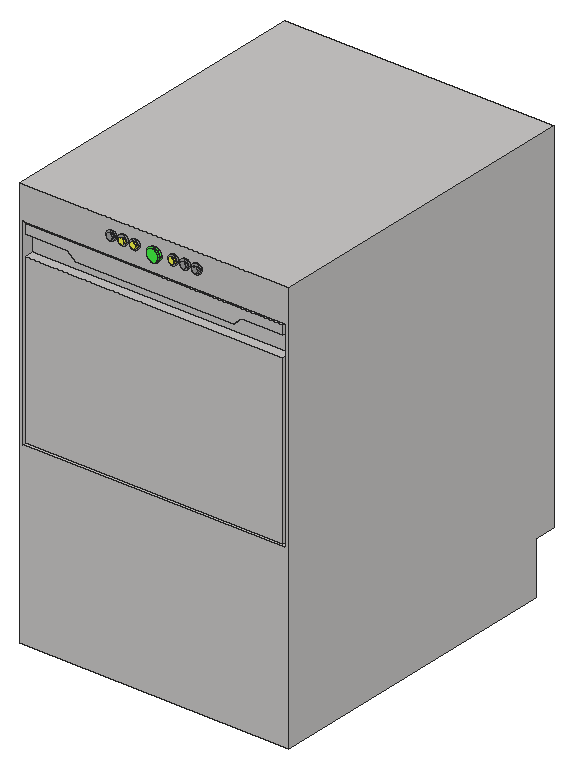
Revit family "QF_ELECTROLUXPROFESSIONAL_402227_ESDICG", category Specialty Equipment, Revit 2018
Family settings
  Round Connector Dimension = Use Diameter
  Part Type = Normal
  Work Plane-Based = No
  Always vertical = Yes
  Cut with Voids When Loaded = No
  Shared = No
  Room Calculation Point = No
Parameters
  Weight = 37.00 kg
  Watts = 0 W
  Volts = 0 V
  URL Manufacturer = ""
  URL = "http://professional.electrolux.com/"
  Steam Supply Size = 0 mm
  Steam Supply Minimum Pressure = 0.0 Pa
  Steam Supply Maximum Pressure = 0.0 Pa
  Steam Pounds per Hour = 0
  Show Logo [instance] = yes
  Show Clearance [instance] = yes
  Refrigeration Suction Line Size = 0 mm
  Refrigeration Liquid Line Size = 0 mm
  Refrigerant Compressor Remote = yes
  Manufacturer = ""
  Phase = 0
  Model = ""
  Length Actual = 460 mm  # constant formula
  Item Number = ""
  Hot Water Size = 0 mm
  Height Actual = 715 mm  # constant formula
  HP = "4.4 HP"
  Gas Size = 0 mm
  Gas KW = 0
  Gas Input Pressure = 0 W
  Direct Waste Size = 27 mm
  Description = ""
  Depth Actual = 565 mm  # constant formula
  Cycle = 0 Hz
  Condensate Return Size = 0 mm
  Compressed Air Volume = 0.0 L/s
  Compressed Air Size = 0 mm
  Compressed Air Pressure = 0.0 Pa
  Cold Water Size = 0 mm
  Accessory = yes
Types (2, lengths in mm): name | Volts | URL Manufacturer | URL | Manufacturer | Phase | Model | Item Number | Description | Cycle | Cold Water Size
  (no name) | 0 V | "" | "http://professional.electrolux.com/" | "" | 0 | "" | "" | "" | 0 Hz | 0
  Standard | 220 V | "http://professional.electrolux.com" | "http://professional.electrolux.com" | "Electrolux Professional" | 1 | "ESDICG" | "402227" | "GLASSWASHER(S) INS. DOUBLE SKIN, COLD RINSE, DP, DD, 30B/H" | 50 Hz | 19.05
Reference planes
  plane 1 "Center (Front/Back)": y = 0
  plane 2: z = 0
  plane 3 "Center (Left/Right)": x = 0
  plane 4 "LEFT": x = -230
  plane 5 "RIGHT": x = 230
  plane 6 "FRONT": y = -282.5
  plane 7 "BACK": y = 282.5
  plane 8: x = -202.5
  plane 9: x = 202.5
  plane 10: z = 715
  plane 11: z = 10
Forms (mm)
  Extrusion 1, solid, material "QF_Finishes_Stainless Steel"
    sketch origin (0, 0, 0) x (1, 0, 0) y (0, 1, 0)
      loop
        line (-230, -282.5) -> (230, -282.5) -> (230, 243.5) -> (-230, 243.5) -> (-230, -282.5)
    from 10 to 715
  Extrusion 2, solid, material "QF_Finishes_Stainless Steel"
    sketch origin (0, 0, 0) x (1, 0, 0) y (0, 1, 0)
      loop
        line (-230, 243.5) -> (230, 243.5) -> (230, 282.5) -> (-230, 282.5) -> (-230, 243.5)
    from 100 to 715
  Extrusion 3, solid, material "QF_Finishes_Stainless Steel"
    sketch origin (0, 0, 0) x (1, 0, 0) y (0, 1, 0)
      loop
        circle (-202.5, 184.5) r 12.5
      loop
        circle (202.5, 184.5) r 12.5
      loop
        circle (-202.5, -235.5) r 12.5
      loop
        circle (202.5, -235.5) r 12.5
    from 0 to 10
  Extrusion 4, void
    sketch origin (-230, -282.5, 0) x (-1, 0, 0) y (0, 0, 1)
      loop
        line (-5, 658.217) -> (-455, 658.217) -> (-455, 315) -> (-5, 315) -> (-5, 658.217)
    from 0 to 30
  Extrusion 5, solid, material "QF_Finishes_Stainless Steel"
    sketch origin (-53, -392, 738) x (0, 0, -1) y (1, 0, 0)
      loop
        circle (693, 213) r 10
    from -635.5 to -674.5
  Extrusion 6, solid, material "QF_Door-Drawer Clearances", visible <- "Show Clearance", detail levels coarse
    sketch origin (-230, -282.5, 0) x (0, 1, 0) y (0, 0, -1)
      loop
        line (0, -315) -> (-315, -315)
        arc (-315, -315) -> (-223.2, -545.869) -> (0, -655) r 344.605
        line (0, -655) -> (0, -315)
    from -10 to -450
  Extrusion 7, solid, material "QF_Finishes_Stainless Steel"
    sketch origin (-242.481, -392, 738) x (0, 0, -1) y (1, 0, 0)
      loop
        circle (663, 322.481) r 8
    from -635.5 to -674.5
  Extrusion 8, solid, material "QF_Finishes_Green"
    sketch origin (234, -282.5, -28.75) x (-1, 0, 0) y (0, 0, -1)
      loop
        circle (234, -714.569) r 10
    from 0 to 5
  Extrusion 9, solid, material "QF_Finishes_Gray"
    sketch origin (234, -282.5, -24.375) x (-1, 0, 0) y (0, 0, -1)
      loop
        circle (306.936, -713.972) r 5
    from 0 to 5
  Extrusion 10, solid, material "QF_Finishes_Stainless Steel"
    sketch origin (-230, -282.5, 0) x (0, 1, 0) y (0, 0, -1)
      loop
        line (0, -319.622) -> (0, -605) -> (15, -605) -> (15, -655) -> (25, -655) -> (25, -319.622) -> (0, -319.622)
    from -10 to -450
  Extrusion 11, solid, material "QF_Finishes_Stainless Steel"
    sketch origin (-230, -282.5, 0) x (0, 1, 0) y (0, 0, -1)
      loop
        line (15, -655) -> (15, -652.514) -> (2.5, -652.514) -> (2.5, -626.25) -> (0, -626.25) -> (0, -655) -> (15, -655)
    from -10 to -450
  Extrusion 12, void
    sketch origin (-230, -282.5, 655) x (0, 0, 1) y (1, 0, 0)
      loop
        line (-15.552, 10) -> (-15.552, 81.607) -> (-28.75, 94.804) -> (-28.75, 10) -> (-15.552, 10)
      loop
        line (-15.552, 450) -> (-28.75, 450) -> (-28.75, 365.196) -> (-15.552, 378.393) -> (-15.552, 450)
    from 0 to 2.5
  Extrusion 13, solid, material "QF_Finishes_Stainless Steel"
    sketch origin (-328, -392, 738) x (0, 0, -1) y (1, 0, 0)
      loop
        circle (663, 228) r 8
    from -635.5 to -674.5
  Extrusion 14, solid, material "QF_Finishes_Green"
    sketch origin (-230, -282.5, 0) x (1, 0, 0) y (0, 0, 1)
      loop
        circle (230, 685.819) r 12
      loop
        circle (230, 685.819) r 10
    from 0 to 2.5
  Extrusion 15, solid, material "QF_Finishes_Gray"
    sketch origin (-210, -282.5, -28.75) x (1, 0, 0) y (0, 0, 1)
      loop
        circle (262.936, 718.347) r 8
      loop
        circle (262.936, 718.347) r 5
      loop
        circle (242.936, 718.347) r 8
      loop
        circle (242.936, 718.347) r 5
      loop
        circle (282.936, 718.347) r 8
      loop
        circle (282.936, 718.347) r 5
    from 0 to 2.5
  Extrusion 16, solid, material "QF_Finishes_Gray"
    sketch origin (-234, -282.5, -24.375) x (1, 0, 0) y (0, 0, 1)
      loop
        circle (286.936, 713.972) r 5
      loop
        circle (306.936, 713.972) r 5
    from 0 to 5
  Extrusion 17, solid, material "QF_Finishes_Gray"
    sketch origin (210, -282.5, -28.75) x (-1, 0, 0) y (0, 0, -1)
      loop
        circle (262.936, -718.347) r 8
      loop
        circle (262.936, -718.347) r 5
      loop
        circle (242.936, -718.347) r 8
      loop
        circle (242.936, -718.347) r 5
      loop
        circle (282.936, -718.347) r 8
      loop
        circle (282.936, -718.347) r 5
    from 0 to 2.5
  Extrusion 18, solid, material "QF_Finishes_Yellow"
    sketch origin (254, -282.5, -24.375) x (-1, 0, 0) y (0, 0, -1)
      loop
        circle (306.936, -713.972) r 5
    from 0 to 5
  Extrusion 19, solid, material "QF_Finishes_Yellow"
    sketch origin (274, -282.5, -24.375) x (-1, 0, 0) y (0, 0, -1)
      loop
        circle (306.936, -713.972) r 5
    from 0 to 5
  Extrusion 20, solid, material "QF_Finishes_Yellow"
    sketch origin (339.871, -282.5, -24.375) x (-1, 0, 0) y (0, 0, -1)
      loop
        circle (306.936, -713.972) r 5
    from 0 to 5
Cuts and joins
  Extrusion 4 cuts Extrusion 1
  joined: Extrusion 1, Extrusion 2
  Extrusion 12 cuts Extrusion 10
  Extrusion 12 cuts Extrusion 11
Lines and regions (mm)
  Split face 1
    outline origin (-230, -282.5, 715) x (0, 0, -1) y (1, 0, 0)
      loop
        line (35, 0) -> (35, 60) -> (49.142, 74.142) -> (49.142, 214.142) -> (11.456, 214.142)
        arc (11.456, 214.142) -> (9.82, 214.82) -> (9.142, 216.456) r 2.314
        line (9.142, 216.456) -> (9.142, 230) -> (9.142, 243.544)
        arc (9.142, 243.544) -> (9.82, 245.18) -> (11.456, 245.858) r 2.314
        line (11.456, 245.858) -> (49.142, 245.858) -> (49.142, 385.858) -> (35, 400) -> (35, 460)
      loop
        line (56.783, 5) -> (56.783, 0)
      loop
        line (56.783, 455) -> (56.783, 460)
  symbolic lines
    curve 1: line (-230, 282.5, 0) -> (230, 282.5, 0)
    curve 2: line (-230, -282.5, 0) -> (-230, 282.5, 0)
    curve 3: line (230, -282.5, 0) -> (-230, -282.5, 0)
    curve 4: line (230, 282.5, 0) -> (230, -282.5, 0)
    curve 9: line (-80.94, -285, 0) -> (-80.94, -282.5, 0)
    curve 10: line (-64.948, -285, 0) -> (-64.948, -282.5, 0)
    curve 11: line (-77.926, -287.5, 0) -> (-67.936, -287.5, 0)
    curve 12: line (-67.936, -287.5, 0) -> (-67.936, -285, 0)
    curve 13: line (-77.926, -287.5, 0) -> (-77.926, -285, 0)
    curve 14: line (-60.936, -285, 0) -> (-44.936, -285, 0)
    curve 15: line (-44.936, -285, 0) -> (-44.936, -282.5, 0)
    curve 16: line (-60.936, -285, 0) -> (-60.936, -282.5, 0)
    curve 17: line (-57.936, -287.5, 0) -> (-47.936, -287.5, 0)
    curve 18: line (-47.936, -287.5, 0) -> (-47.936, -285, 0)
    curve 19: line (-57.936, -287.5, 0) -> (-57.936, -285, 0)
    curve 20: line (-40.936, -285, 0) -> (-24.936, -285, 0)
    curve 21: line (-24.936, -285, 0) -> (-24.936, -282.5, 0)
    curve 22: line (-40.936, -285, 0) -> (-40.936, -282.5, 0)
    curve 23: line (-37.936, -287.5, 0) -> (-27.936, -287.5, 0)
    curve 24: line (-27.936, -287.5, 0) -> (-27.936, -285, 0)
    curve 25: line (-37.936, -287.5, 0) -> (-37.936, -285, 0)
    curve 26: line (24.936, -285, 0) -> (40.936, -285, 0)
    curve 27: line (40.936, -285, 0) -> (40.936, -282.5, 0)
    curve 28: line (27.936, -287.5, 0) -> (37.936, -287.5, 0)
    curve 29: line (37.936, -287.5, 0) -> (37.936, -285, 0)
    curve 30: line (27.936, -287.5, 0) -> (27.936, -285, 0)
    curve 31: line (24.936, -285, 0) -> (24.936, -282.5, 0)
    curve 32: line (-12, -285, 0) -> (12, -285, 0)
    curve 33: line (12, -285, 0) -> (12, -282.5, 0)
    curve 34: line (-12, -285, 0) -> (-12, -282.5, 0)
    curve 35: line (-10, -287.5, 0) -> (10, -287.5, 0)
    curve 36: line (10, -287.5, 0) -> (10, -285, 0)
    curve 37: line (-10, -287.5, 0) -> (-10, -285, 0)
    curve 39: line (44.936, -285, 0) -> (60.936, -285, 0)
    curve 40: line (60.936, -285, 0) -> (60.936, -282.5, 0)
    curve 41: line (47.936, -287.5, 0) -> (57.936, -287.5, 0)
    curve 42: line (57.936, -287.5, 0) -> (57.936, -285, 0)
    curve 43: line (47.936, -287.5, 0) -> (47.936, -285, 0)
    curve 44: line (44.936, -285, 0) -> (44.936, -282.5, 0)
    curve 45: line (64.936, -285, 0) -> (80.936, -285, 0)
    curve 46: line (80.936, -285, 0) -> (80.936, -282.5, 0)
    curve 47: line (67.936, -287.5, 0) -> (77.936, -287.5, 0)
    curve 48: line (77.936, -287.5, 0) -> (77.936, -285, 0)
    curve 49: line (67.936, -287.5, 0) -> (67.936, -285, 0)
    curve 50: line (64.936, -285, 0) -> (64.936, -282.5, 0)
  symbolic lines, style "QF_Door-Drawer Clearances"
    curve 5: line (-220, -597.5, 0) -> (220, -597.5, 0)
    curve 6: line (220, -597.5, 0) -> (220, -282.5, 0)
    curve 7: line (-220, -597.5, 0) -> (-220, -282.5, 0)
  symbolic lines, style "SpecialityEquipment"
    curve 8: line (-80.94, -285, 0) -> (-64.948, -285, 0)
  symbolic lines, style "SpecialityEquipmentHiddenLines"
    curve 38: line (-230, 243.5, 0) -> (230, 243.5, 0)
Dimensions and locks
  equal spacing: plane 4 "LEFT", plane 3 "Center (Left/Right)", plane 5 "RIGHT"
  equal spacing: plane 7 "BACK", plane 1 "Center (Front/Back)", plane 6 "FRONT"
  plane 7 "BACK" to plane 6 "FRONT" = 565 mm
  plane 4 "LEFT" to plane 5 "RIGHT" = 460 mm
  plane 4 "LEFT" to plane 8 = 27.5 mm
  plane 9 to plane 5 "RIGHT" = 27.5 mm
  locked: plane 11 to level at 10
  plane 4 "LEFT" to plane 3 "Center (Left/Right)" = 230 mm
  plane 10 to level = 715 mm  (x2)
  plane 8 to plane 9 = 405 mm
  level to Extrusion 13 sketch curve = 75 mm
  Extrusion 13 sketch curve to plane 4 "LEFT" = 130 mm
  level to Extrusion 5 sketch curve = 45 mm
  Extrusion 5 sketch curve to plane 4 "LEFT" = 390 mm
  Extrusion 7 sketch curve to plane 4 "LEFT" = 310 mm
  level to Extrusion 7 sketch curve = 75 mm
  locked: Extrusion 3 to cut or joined group of Extrusion 1, Extrusion 2, Extrusion 4 at 98
  Extrusion 3 to Extrusion 3 = 420 mm
  locked: plane 6 "FRONT" to Extrusion 3 at 47
  plane 9 to plane 8 = 405 mm
  plane 7 "BACK" to curve 5 = 880 mm
  cut or joined group of Extrusion 10, Extrusion 12 to cut or joined group of Extrusion 1, Extrusion 2, Extrusion 4 = 290 mm
  aligned and locked: level to plane 2
  aligned and locked: Extrusion 1 sketch curve to plane 6 "FRONT"
  aligned and locked: Extrusion 1 sketch curve to plane 4 "LEFT"
  aligned and locked: plane 5 "RIGHT" to Extrusion 1 sketch curve
  aligned and locked: Extrusion 1 to plane 11
  aligned and locked: Extrusion 2 sketch curve to Extrusion 1  (x2)
  aligned and locked: plane 7 "BACK" to Extrusion 2 sketch curve
  aligned and locked: plane 5 "RIGHT" to Extrusion 2 sketch curve
  aligned and locked: plane 11 to Extrusion 3
  aligned and locked: Extrusion 2 to Extrusion 5
  aligned and locked: Extrusion 2 to Extrusion 7
  aligned and locked: plane 7 "BACK" to Extrusion 7
  aligned and locked: plane 7 "BACK" to Extrusion 5
  aligned and locked: cut or joined group of Extrusion 11, Extrusion 12 to Extrusion 12
  aligned and locked: plane 10 to Extrusion 2
Automatic sketch dimensions
  curve 1 to plane 4 "LEFT" = 0 mm
  curve 7 to plane 6 "FRONT" = 0 mm
  curve 4 to plane 5 "RIGHT" = 0 mm
  curve 2 to plane 7 "BACK" = 0 mm
  plane 4 "LEFT" to curve 5 = 10 mm
  curve 8 to plane 6 "FRONT" = 2.5 mm
  curve 8 to plane 3 "Center (Left/Right)" = 80.94 mm
  curve 8 to curve 11 = 3.013 mm
  curve 11 to curve 11 = 9.991 mm
  curve 12 to curve 10 = 2.987 mm
  curve 8 to curve 16 = 4.013 mm
  curve 14 to curve 19 = 3 mm
  curve 17 to plane 6 "FRONT" = 5 mm
  curve 17 to curve 17 = 10 mm
  curve 18 to curve 14 = 3 mm
  curve 14 to curve 20 = 4 mm
  curve 20 to curve 25 = 3 mm
  curve 24 to plane 6 "FRONT" = 5 mm
  curve 23 to curve 24 = 10 mm
  curve 24 to curve 21 = 3 mm
  curve 34 to plane 6 "FRONT" = 2.5 mm
  curve 34 to plane 3 "Center (Left/Right)" = 12 mm
  curve 32 to curve 37 = 2 mm
  plane 3 "Center (Left/Right)" to curve 36 = 10 mm
  curve 36 to curve 33 = 2 mm
  curve 26 to plane 6 "FRONT" = 2.5 mm
  curve 32 to curve 26 = 12.936 mm
  curve 26 to curve 30 = 3 mm
  curve 28 to plane 6 "FRONT" = 5 mm
  curve 28 to curve 28 = 10 mm
  curve 29 to curve 27 = 3 mm
  curve 26 to curve 44 = 4 mm
  curve 39 to curve 43 = 3 mm
  curve 41 to plane 6 "FRONT" = 5 mm
  curve 41 to curve 41 = 10 mm
  curve 42 to curve 39 = 3 mm
  curve 39 to curve 50 = 4 mm
  curve 45 to curve 47 = 3 mm
  curve 47 to plane 6 "FRONT" = 5 mm
  curve 47 to curve 47 = 10 mm
  curve 48 to curve 45 = 3 mm
  curve 6 to plane 5 "RIGHT" = 10 mm
  curve 35 to curve 36 = 2.5 mm
  curve 11 to curve 13 = 2.5 mm
  curve 15 to plane 6 "FRONT" = 2.5 mm
  curve 20 to plane 6 "FRONT" = 2.5 mm
  curve 40 to plane 6 "FRONT" = 2.5 mm
  curve 45 to plane 6 "FRONT" = 2.5 mm
  curve 38 to plane 7 "BACK" = 39 mm
  Extrusion 1 sketch curve to plane 7 "BACK" = 39 mm
  Extrusion 3 sketch curve to plane 8 = 0 mm  (x2)
  Extrusion 3 sketch curve to plane 9 = 0 mm  (x2)
  plane 6 "FRONT" to Extrusion 3 sketch curve = 47 mm  (x2)
  Extrusion 3 sketch curve to plane 7 "BACK" = 98 mm  (x2)
  Extrusion 4 sketch curve to Extrusion 1 = 5 mm  (x2)
  Extrusion 4 sketch curve to Extrusion 1 = 305 mm
  Extrusion 4 sketch curve to Extrusion 1 = 56.783 mm
  Extrusion 6 sketch curve to plane 6 "FRONT" = 0 mm
  Extrusion 6 sketch curve to plane 6 "FRONT" = 315 mm
  plane 6 "FRONT" to Extrusion 6 sketch curve = 29.589 mm
  Extrusion 6 sketch curve to plane 10 = 60 mm
  plane 11 to Extrusion 6 sketch curve = 305 mm
  Extrusion 8 sketch curve to Extrusion 8 sketch curve = 0 mm  (x2)
  Extrusion 8 sketch curve to plane 3 "Center (Left/Right)" = 0 mm
  Extrusion 8 sketch curve to plane 10 = 29.181 mm
  plane 3 "Center (Left/Right)" to Extrusion 8 sketch curve = 10 mm
  Extrusion 9 sketch curve to Extrusion 9 sketch curve = 0 mm  (x2)
  Extrusion 9 sketch curve to plane 10 = 25.403 mm
  Extrusion 9 sketch curve to plane 3 "Center (Left/Right)" = 72.936 mm
  Extrusion 9 sketch curve to Extrusion 9 sketch curve = 5 mm
  Extrusion 10 sketch curve to plane 6 "FRONT" = 0 mm
  plane 6 "FRONT" to Extrusion 10 sketch curve = 15 mm
  Extrusion 10 sketch curve to Extrusion 10 sketch curve = 25 mm
  Extrusion 10 sketch curve to plane 10 = 60 mm
  Extrusion 10 sketch curve to Extrusion 10 sketch curve = 50 mm
  Extrusion 10 sketch curve to Extrusion 10 sketch curve = 285.378 mm
  Extrusion 11 sketch curve to plane 6 "FRONT" = 0 mm
  Extrusion 11 sketch curve to Extrusion 11 sketch curve = 2.5 mm
  Extrusion 11 sketch curve to Extrusion 11 sketch curve = 12.5 mm
  Extrusion 11 sketch curve to plane 10 = 60 mm
  Extrusion 11 sketch curve to Extrusion 11 sketch curve = 2.486 mm
  Extrusion 11 sketch curve to Extrusion 11 sketch curve = 26.264 mm
  Extrusion 12 sketch curve to Extrusion 11 = 0 mm  (x3)
  Extrusion 11 to Extrusion 12 sketch curve = 0 mm
  Extrusion 12 sketch curve to Extrusion 11 = 13.198 mm  (x2)
  Extrusion 12 sketch curve to Extrusion 11 = 71.607 mm
  Extrusion 12 sketch curve to Extrusion 12 sketch curve = 13.198 mm  (x2)
  Extrusion 12 sketch curve to Extrusion 11 = 84.804 mm
  Extrusion 14 sketch curve to Extrusion 14 sketch curve = 0 mm  (x2)
  Extrusion 1 to Extrusion 14 sketch curve = 29.181 mm
  Extrusion 1 to Extrusion 14 sketch curve = 230 mm
  Extrusion 15 sketch curve to Extrusion 15 sketch curve = 0 mm  (x8)
  plane 3 "Center (Left/Right)" to Extrusion 15 sketch curve = 32.936 mm
  Extrusion 15 sketch curve to Extrusion 15 sketch curve = 20 mm  (x2)
  Extrusion 15 sketch curve to plane 10 = 25.403 mm
  Extrusion 16 sketch curve to Extrusion 16 sketch curve = 0 mm  (x5)
  Extrusion 16 sketch curve to plane 10 = 25.403 mm
  plane 3 "Center (Left/Right)" to Extrusion 16 sketch curve = 52.936 mm
  Extrusion 16 sketch curve to Extrusion 16 sketch curve = 20 mm
  Extrusion 16 sketch curve to Extrusion 16 sketch curve = 5 mm  (x2)
  Split face 1 sketch curve to cut or joined group of Extrusion 1, Extrusion 2, Extrusion 4 = 0 mm  (x6)
  cut or joined group of Extrusion 1, Extrusion 2, Extrusion 4 to Split face 1 sketch curve = 0 mm  (x2)
  cut or joined group of Extrusion 1, Extrusion 2, Extrusion 4 to Split face 1 sketch curve = 7.641 mm  (x2)
  Split face 1 sketch curve to Split face 1 sketch curve = 14.142 mm  (x4)
  Split face 1 sketch curve to cut or joined group of Extrusion 1, Extrusion 2, Extrusion 4 = 11.456 mm  (x2)
  Split face 1 sketch curve to cut or joined group of Extrusion 1, Extrusion 2, Extrusion 4 = 9.142 mm
  Split face 1 sketch curve to cut or joined group of Extrusion 1, Extrusion 2, Extrusion 4 = 55 mm
  Split face 1 sketch curve to Split face 1 sketch curve = 140 mm
  Split face 1 sketch curve to Split face 1 sketch curve = 13.544 mm  (x2)
  Split face 1 sketch curve to cut or joined group of Extrusion 1, Extrusion 2, Extrusion 4 = 69.142 mm
  Extrusion 17 sketch curve to Extrusion 17 sketch curve = 0 mm  (x8)
  Extrusion 17 sketch curve to plane 3 "Center (Left/Right)" = 32.936 mm
  Extrusion 17 sketch curve to Extrusion 17 sketch curve = 20 mm  (x2)
  Extrusion 17 sketch curve to plane 10 = 25.403 mm
  Extrusion 18 sketch curve to Extrusion 18 sketch curve = 0 mm  (x2)
  Extrusion 18 sketch curve to plane 10 = 25.403 mm
  Extrusion 18 sketch curve to plane 3 "Center (Left/Right)" = 52.936 mm
  Extrusion 18 sketch curve to Extrusion 18 sketch curve = 5 mm
  Extrusion 19 sketch curve to Extrusion 19 sketch curve = 0 mm  (x2)
  Extrusion 19 sketch curve to plane 3 "Center (Left/Right)" = 32.936 mm
  Extrusion 19 sketch curve to plane 10 = 25.403 mm
  Extrusion 19 sketch curve to Extrusion 19 sketch curve = 5 mm
  Extrusion 20 sketch curve to Extrusion 20 sketch curve = 0 mm  (x2)
  plane 3 "Center (Left/Right)" to Extrusion 20 sketch curve = 32.936 mm
  Extrusion 20 sketch curve to plane 10 = 25.403 mm
  Extrusion 20 sketch curve to Extrusion 20 sketch curve = 5 mm
  radius of Extrusion 5 sketch curve = 10 mm
  radius of Extrusion 7 sketch curve = 8 mm
  radius of Extrusion 13 sketch curve = 8 mm
  radius of Extrusion 3 sketch curve = 12.5 mm  (x4)
  radius of Extrusion 14 sketch curve = 12 mm
  radius of Extrusion 14 sketch curve = 10 mm
  radius of Extrusion 15 sketch curve = 8 mm  (x3)
  radius of Extrusion 15 sketch curve = 5 mm  (x3)
  radius of Extrusion 17 sketch curve = 8 mm  (x3)
  radius of Extrusion 17 sketch curve = 5 mm  (x3)
Connectors
  piping at (160, 282.5, 45), diameter 20
    settings: on Extrusion 5, index 1, connector inside diameter 609.6 mm, connector length 0 mm, flow factor 0, pipe flow 0.0 L/s, pressure drop 0.0 Pa, fitting loss kfactor 0, connector angle 0.00°, fixture units 0, engagement length 0 mm, angle of deflection 0.00°, flow configuration 1, flow direction 1, fitting loss method 0, system type 16, joint type 0, gender type 0, connector reference index -1, connector utility 0, adjustable connector no, is connector primary yes, connector description "Drain"
  piping at (80, 282.5, 75), driven by "Cold Water Size"
    settings: on Extrusion 7, index 3, connector diameter 0 mm, connector inside diameter 609.6 mm, connector length 0 mm, flow factor 0, pipe flow 0.0 L/s, pressure drop 0.0 Pa, fitting loss kfactor 0, connector angle 0.00°, fixture units 0, engagement length 0 mm, angle of deflection 0.00°, flow configuration 1, flow direction 1, fitting loss method 0, system type 20, joint type 0, gender type 0, connector reference index -1, connector utility 0, adjustable connector no, is connector primary no, connector description "Cold Water Inlet"
  electrical at (-100, 282.5, 75), driven by "Volts"
    settings: on Extrusion 13, index 4, voltage 0 V, apparent load 0 VA, apparent load phase1 0 VA, apparent load phase2 0 VA, apparent load phase3 0 VA, power factor 1, load classification "Altro", number of poles 1, system type 31, power factor state 1, is connector primary yes, connector utility no, sub classification motor no, connector description "Electrical Connection"
